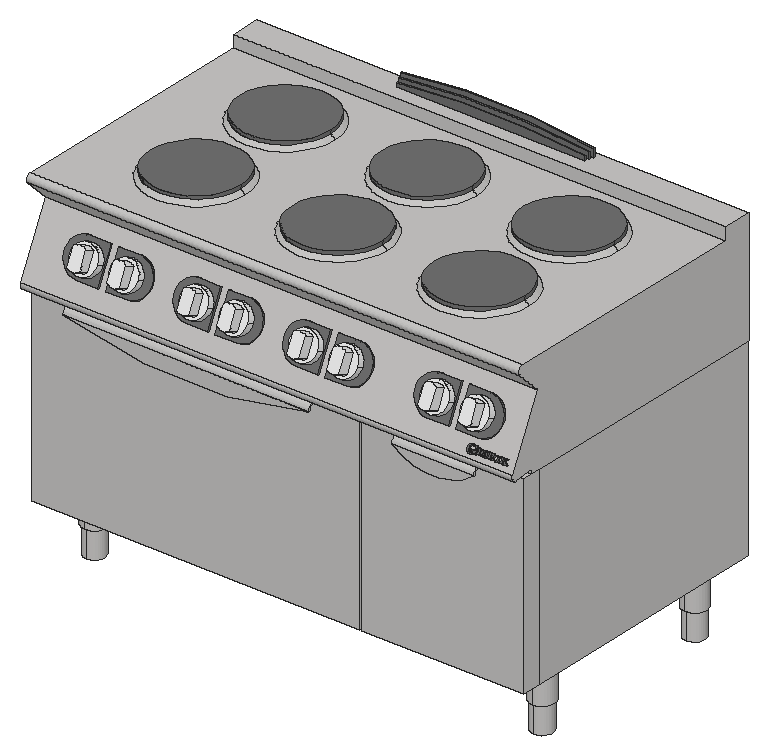
Revit family "QF_GIORIK_CE76TE", category Specialty Equipment, Revit 2014
Parameters (values of type "CE76TE")
  Weight in Pounds = 352.7392
  Watts = 21600 W
  Volts = 400 V
  URL Cutsheet = "www.giorik.com"
  URL = "www.giorik.com"
  Status [instance] = ""
  Specification by User [instance] = ""
  Specification by Manufacturer = ""
  Show Logo [instance] = yes
  Show Clearance [instance] = yes
  Serial Number = ""
  Seismic Rating = ""
  SMACNA No = ""
  Revision Code [instance] = ""
  Phase = 3
  Number of Poles [instance] = 3
  NAFEM Spec ID Number = ""
  Model = "CE76TE"
  Min Ckt Ampacity = 0 A
  Max Overcurrent Protection = 0 A
  Masterspec = ""
  Manufacturer = "GIORIK"
  Item Number [instance] = ""
  Installed By [instance] = ""
  Identify Quantity as Lot [instance] = no
  HP = "28.966032000000"
  Furnished By [instance] = ""
  Foodservice Equipment Identifier [instance] = yes
  FL Amps = 0 A
  Electrical Remarks [instance] = ""
  Electric Connection Type [instance] = ""
  Elec Conn RI Height [instance] = 0 mm
  Elec Conn Connection Height [instance] = 150 mm
  Description = "6 ELECTRIC ROUND PLATE HOB ON ELECTRIC OVEN"
  Cycle = 50 Hz
  Conn Plug = ""
  CSI MasterFormat = ""
  Assembly Code = "E1090320"
  Apparent Power = 21600 VA
Types (2, lengths in mm): name | Foodservice Equipment Identifier | Assembly Code
  (no name) | no | 0
  CE76TE | yes | "E1090320"
Reference planes
  plane 1 "Back": y = 0
  plane 2: z = 0
  plane 3 "Left": x = 0
  plane 4 "Right": x = 1200
  plane 5 "Front": y = -720
  plane 6 "Top": z = 900
Forms (mm)
  Extrusion 1, solid
    sketch origin (-16, 1025.81, 0) x (1, 0, 0) y (0, 1, 0)
      loop
        line (25, -1086.81) -> (25, -1156.81) -> (115, -1156.81) -> (115, -1086.81) -> (25, -1086.81)
    from 148 to 150
  Extrusion 2, solid
    sketch origin (-4, 0, 130) x (1, 0, 0) y (0, 1, 0)
      loop
        circle (54, -385) r 12.5
    from 0 to 20
  Extrusion 3, solid
    sketch origin (0, 1000, -20) x (0, 1, 0) y (0, 0, 1)
      loop
        line (-1000, 919.988) -> (-1070, 919.988) -> (-1070, 889.988) -> (-1688.806, 889.988)
        arc (-1688.806, 889.988) -> (-1699.151, 883.075) -> (-1696.724, 870.873) r 11.197
        line (-1696.724, 870.873) -> (-1640.876, 815.025) -> (-1718.948, 661.258)
        arc (-1718.948, 661.258) -> (-1718.233, 650.105) -> (-1708.118, 645.354) r 10.981
        line (-1708.118, 645.354) -> (-1660, 649.925) -> (-1660, 640) -> (-1000, 640) -> (-1000, 919.988)
    from 0 to 1200
  Extrusion 4, solid
    sketch origin (0, 0, 599.536) x (1, 0, 0) y (0, 1, 0)
      loop
        line (0, -640) -> (40, -640) -> (40, -40) -> (1160, -40) -> (1160, -640) -> (1200, -640) -> (1200, 0) -> (0, 0) -> (0, -640)
    from -449.536 to 20.464
  Extrusion 5, solid
    sketch origin (0, 0, 0) x (1, 0, 0) y (0, 1, 0)
      loop
        line (40, -40) -> (40, -640) -> (1160, -640) -> (1160, -40) -> (40, -40)
    from 150 to 190
  Extrusion 6, solid
    sketch origin (-16, 560.81, 0) x (1, 0, 0) y (0, 1, 0)
      loop
        line (25, -1086.81) -> (25, -1156.81) -> (115, -1156.81) -> (115, -1086.81) -> (25, -1086.81)
    from 148 to 150
  Revolve 7, solid
    sketch origin (54, 560.81, 0) x (0, 1, 0) y (0, 0, 1)
      loop
        line (-1092.56, 66) -> (-1092.56, 148) -> (-1121.81, 148) -> (-1121.81, 0) -> (-1096.81, 0) -> (-1096.81, 66) -> (-1092.56, 66)
      axis (-1121.81, 0) -> (-1121.81, 148)
    angle from 0 to 360
  Revolve 8, solid
    sketch origin (54, 1025.81, 0) x (0, 1, 0) y (0, 0, 1)
      loop
        line (-1092.56, 66) -> (-1092.56, 148) -> (-1121.81, 148) -> (-1121.81, 0) -> (-1096.81, 0) -> (-1096.81, 66) -> (-1092.56, 66)
      axis (-1121.81, 0) -> (-1121.81, 148)
    angle from 0 to 360
  Extrusion 9, solid
    sketch origin (1216, 560.81, 0) x (-1, 0, 0) y (0, -1, 0)
      loop
        line (25, 1086.81) -> (115, 1086.81) -> (115, 1156.81) -> (25, 1156.81) -> (25, 1086.81)
    from 148 to 150
  Revolve 10, solid
    sketch origin (1146, 560.81, 0) x (0, 1, 0) y (0, 0, -1)
      loop
        line (-1092.56, -66) -> (-1096.81, -66) -> (-1096.81, 0) -> (-1121.81, 0) -> (-1121.81, -148) -> (-1092.56, -148) -> (-1092.56, -66)
      axis (-1121.81, 0) -> (-1121.81, -148)
    angle from 0 to 360
  Extrusion 11, solid
    sketch origin (1216, -1217.81, 0) x (-1, 0, 0) y (0, -1, 0)
      loop
        line (25, -1086.81) -> (25, -1156.81) -> (115, -1156.81) -> (115, -1086.81) -> (25, -1086.81)
    from 148 to 150
  Revolve 12, solid
    sketch origin (1146, -1217.81, 0) x (0, -1, 0) y (0, 0, 1)
      loop
        line (-1092.56, 66) -> (-1092.56, 148) -> (-1121.81, 148) -> (-1121.81, 0) -> (-1096.81, 0) -> (-1096.81, 66) -> (-1092.56, 66)
      axis (-1121.81, 0) -> (-1121.81, 148)
    angle from 0 to 360
  Extrusion 13, solid
    sketch origin (236.031, 0, -10.001) x (1, 0, 0) y (0, 0, 1)
      loop
        line (135, 909.989) -> (592.969, 909.989) -> (592.969, 919.989) -> (440.969, 929.989) -> (287, 929.989) -> (135, 919.989) -> (135, 909.989)
    from 32 to 35
  Extrusion 14, solid
    sketch origin (238, 10, -10.001) x (1, 0, 0) y (0, 0, 1)
      loop
        line (594, 909.989) -> (594, 924.989) -> (440, 937.489) -> (284, 937.489) -> (130, 925.001) -> (130, 909.989) -> (594, 909.989)
    from 32 to 35
  Extrusion 15, solid
    sketch origin (240, 20, -10.001) x (1, 0, 0) y (0, 0, 1)
      loop
        line (595, 909.989) -> (595, 930.001) -> (439, 945.258) -> (281, 945.258) -> (125, 929.989) -> (125, 909.989) -> (595, 909.989)
    from 32 to 35
  Extrusion 16, solid
    sketch origin (63.998, 2.499, 864.988) x (0, 1, 0) y (-1, 0, 0)
      loop
        circle (-231.5, -189.999) r 110
    from 23 to 15
  Blend 17, solid
    base sketch origin (808.358, -820.005, 869.988) x (0, 1, 0) y (-1, 0, 0)
      loop
        circle (591.004, 554.361) r 120
    top sketch origin (808.358, -820.005, 900) x (0, 1, 0) y (-1, 0, 0)
      loop
        circle (591.004, 554.361) r 110
    from 0 to -20.012
  Extrusion 18, solid
    sketch origin (63.998, -733.501, 864.988) x (0, -1, 0) y (1, 0, 0)
      loop
        circle (-231.5, 189.999) r 110
    from 23 to 15
  Blend 19, solid
    base sketch origin (808.358, 89.003, 869.988) x (0, -1, 0) y (1, 0, 0)
      loop
        circle (591.004, -554.361) r 120
    top sketch origin (808.358, 89.003, 900) x (0, -1, 0) y (1, 0, 0)
      loop
        circle (591.004, -554.361) r 110
    from 0 to -20.012
  Extrusion 20, solid
    sketch origin (789.998, 2.499, 864.988) x (0, 1, 0) y (-1, 0, 0)
      loop
        circle (-231.5, 189.999) r 110
    from 23 to 15
  Blend 21, solid
    base sketch origin (45.638, -820.005, 869.988) x (0, 1, 0) y (-1, 0, 0)
      loop
        circle (591.004, -554.361) r 120
    top sketch origin (45.638, -820.005, 900) x (0, 1, 0) y (-1, 0, 0)
      loop
        circle (591.004, -554.361) r 110
    from 0 to -20.012
  Extrusion 22, solid
    sketch origin (789.998, -733.501, 864.988) x (0, -1, 0) y (1, 0, 0)
      loop
        circle (-231.5, -189.999) r 110
    from 23 to 15
  Blend 23, solid
    base sketch origin (45.638, 89.003, 869.988) x (0, -1, 0) y (1, 0, 0)
      loop
        circle (591.004, 554.361) r 120
    top sketch origin (45.638, 89.003, 900) x (0, -1, 0) y (1, 0, 0)
      loop
        circle (591.004, 554.361) r 110
    from 0 to -20.012
  Extrusion 24, solid
    sketch origin (1135.999, 2.499, 864.988) x (0, 1, 0) y (-1, 0, 0)
      loop
        circle (-231.5, 189.999) r 110
    from 23 to 15
  Blend 25, solid
    base sketch origin (391.639, -820.005, 869.988) x (0, 1, 0) y (-1, 0, 0)
      loop
        circle (591.004, -554.361) r 120
    top sketch origin (391.639, -820.005, 900) x (0, 1, 0) y (-1, 0, 0)
      loop
        circle (591.004, -554.361) r 110
    from 0 to -20.012
  Extrusion 26, solid
    sketch origin (1135.999, -270.501, 864.988) x (0, 1, 0) y (-1, 0, 0)
      loop
        circle (-231.5, 189.999) r 110
    from 23 to 15
  Blend 27, solid
    base sketch origin (391.639, -1093.005, 869.988) x (0, 1, 0) y (-1, 0, 0)
      loop
        circle (591.004, -554.361) r 120
    top sketch origin (391.639, -1093.005, 900) x (0, 1, 0) y (-1, 0, 0)
      loop
        circle (591.004, -554.361) r 110
    from 0 to -20.012
  Extrusion 28, solid
    sketch origin (0, -725, 0) x (1, 0, 0) y (0, 0, 1)
      loop
        line (0, 620) -> (0, 150) -> (800, 150) -> (800, 620) -> (0, 620)
    from -85 to -40
  Extrusion 29, solid
    sketch origin (2.5, -725, -20.1) x (0, 1, 0) y (0, 0, 1)
      loop
        arc (25, 640.1) -> (14.393, 635.707) -> (10, 625.1) r 15
        line (10, 625.1) -> (12, 625.1)
        arc (12, 625.1) -> (15.808, 634.292) -> (25, 638.1) r 13
        line (25, 638.1) -> (40, 638.1) -> (40, 640.1) -> (25, 640.1)
    from 97.5 to 697.5
  Extrusion 30, solid
    sketch origin (2.5, -724.905, -20.1) x (1, 0, 0) y (0, 0, 1)
      loop
        arc (97.5, 625.1) -> (397.5, 582.413) -> (697.5, 625.1) r 1075.531
        line (697.5, 625.1) -> (97.5, 625.1)
    from -11.905 to -9.905
  Extrusion 31, solid, visible <- "Show Clearance", detail levels coarse
    sketch origin (0, 0, 0) x (0, 1, 0) y (0, 0, 1)
      loop
        line (-685, 150) -> (-685, 620)
        arc (-685, 620) -> (-1017.34, 482.34) -> (-1155, 150) r 470
        line (-1155, 150) -> (-685, 150)
    from 0 to 800
  Extrusion 32, solid
    sketch origin (805, -725, 0) x (1, 0, 0) y (0, 0, 1)
      loop
        line (0, 620) -> (0, 150) -> (395, 150) -> (395, 620) -> (0, 620)
    from -85 to -40
  Extrusion 33, solid
    sketch origin (805, -725, -20.1) x (0, 1, 0) y (0, 0, 1)
      loop
        arc (25, 640.1) -> (14.393, 635.707) -> (10, 625.1) r 15
        line (10, 625.1) -> (12, 625.1)
        arc (12, 625.1) -> (15.808, 634.292) -> (25, 638.1) r 13
        line (25, 638.1) -> (40, 638.1) -> (40, 640.1) -> (25, 640.1)
    from 97.5 to 297.5
  Extrusion 34, solid
    sketch origin (805, -724.905, -20.1) x (1, 0, 0) y (0, 0, 1)
      loop
        arc (97.5, 625.1) -> (197.5, 590.089) -> (297.5, 625.1) r 160.316
        line (297.5, 625.1) -> (97.5, 625.1)
    from -11.905 to -9.905
  Extrusion 35, solid, visible <- "Show Clearance", detail levels coarse
    sketch origin (1200, -725, 0) x (-1, 0, 0) y (0, -1, 0)
      loop
        line (0, -40) -> (395, -40)
        arc (395, -40) -> (279.307, 239.307) -> (0, 355) r 395
        line (0, 355) -> (0, -40)
    from 150 to 620
  Extrusion 36, solid, visible <- "Show Logo"
    sketch origin (991.604, -736.761, 614.723) x (-1, 0, 0) y (0, 0.452718, 0.891654)
      loop
        line (-118.824, 58.358) -> (-127.804, 58.358) -> (-125.523, 56.445) -> (-125.523, 48.027) -> (-127.804, 46.113) -> (-118.824, 46.113) -> (-121.105, 48.027) -> (-121.105, 56.445) -> (-118.824, 58.358)
      loop
        line (-163.721, 58.358) -> (-172.7, 58.358) -> (-170.42, 56.445) -> (-170.42, 48.027) -> (-172.7, 46.113) -> (-163.721, 46.113) -> (-166.001, 48.027) -> (-166.001, 56.445) -> (-163.721, 58.358)
      loop
        line (-174.332, 58.358) -> (-183.312, 58.358) -> (-181.031, 56.445) -> (-181.031, 52.435) -> (-186.419, 56.955) -> (-184.416, 58.358) -> (-191.268, 58.358) -> (-188.01, 56.839) -> (-185.455, 54.283) -> (-190.846, 47.858) -> (-193.396, 46.93) -> (-193.396, 46.113) -> (-184.416, 46.113) -> (-185.437, 47.571) -> (-182.443, 51.552) -> (-181.031, 50.894) -> (-181.031, 48.027) -> (-183.312, 46.113) -> (-174.332, 46.113) -> (-176.613, 48.027) -> (-176.613, 56.445) -> (-174.332, 58.358)
      loop
        line (-115.429, 62.063) -> (-115.429, 54.198)
        arc (-115.429, 54.198) -> (-111.618, 57.803) -> (-106.847, 59.986) r 16.039
        arc (-106.847, 59.986) -> (-103.314, 59.837) -> (-100.512, 57.68) r 5.851
        arc (-100.512, 57.68) -> (-98.815, 52.267) -> (-100.512, 46.853) r 9.479
        arc (-100.512, 46.853) -> (-102.406, 44.986) -> (-104.846, 43.93) r 7.236
        arc (-104.846, 43.93) -> (-107.728, 44.111) -> (-110.052, 45.825) r 5.11
        line (-110.052, 45.825) -> (-110.052, 52.001) -> (-116.141, 52.001) -> (-116.141, 45.503) -> (-117.893, 43.751) -> (-114.094, 44.769)
        arc (-114.094, 44.769) -> (-112.56, 44.947) -> (-111.129, 44.366) r 3.115
        arc (-111.129, 44.366) -> (-104.216, 42.091) -> (-97.303, 44.366) r 11.641
        arc (-97.303, 44.366) -> (-93.396, 52.107) -> (-97.303, 59.849) r 9.622
        arc (-97.303, 59.849) -> (-104.369, 62.174) -> (-111.435, 59.849) r 11.898
        line (-111.435, 59.849) -> (-115.429, 62.063)
      loop
        arc (-129.234, 56.068) -> (-135.893, 58.628) -> (-142.552, 56.068) r 9.941
        arc (-142.552, 56.068) -> (-144.234, 52.286) -> (-142.552, 48.505) r 5.093
        arc (-142.552, 48.505) -> (-135.893, 45.945) -> (-129.234, 48.505) r 9.941
        arc (-129.234, 48.505) -> (-127.552, 52.286) -> (-129.234, 56.068) r 5.093
      loop
        arc (-132.628, 54.403) -> (-135.893, 57.668) -> (-139.158, 54.403) r 3.265
        line (-139.158, 54.403) -> (-139.158, 50.169)
        arc (-139.158, 50.169) -> (-135.893, 46.904) -> (-132.628, 50.169) r 3.265
        line (-132.628, 50.169) -> (-132.628, 54.403)
      loop
        arc (-156.363, 58.365) -> (-159.647, 55.081) -> (-156.363, 51.796) r 3.285
        line (-156.363, 51.796) -> (-159.529, 47.306) -> (-162.087, 46.113) -> (-155.847, 46.113) -> (-153.529, 51.083) -> (-150.637, 51.083) -> (-150.637, 47.784) -> (-153.022, 46.113) -> (-144.011, 46.113) -> (-146.094, 47.68) -> (-146.094, 56.493) -> (-144.229, 58.365) -> (-156.363, 58.365)
      loop
        line (-150.637, 57.512) -> (-153.637, 57.512)
        arc (-153.637, 57.512) -> (-156.237, 54.912) -> (-153.637, 52.312) r 2.6
        line (-153.637, 52.312) -> (-150.637, 52.312) -> (-150.637, 57.512)
      loop
        line (-108.924, 52.001) -> (-104.936, 49.005) -> (-100.948, 52.001) -> (-108.924, 52.001)
    from 1.5 to -0.5
  Extrusion 37, solid
    sketch origin (-288.221, -963.345, 57.599) x (1, 0, 0) y (0, 0.452718, 0.891654)
      loop
        line (463.221, 676.25) -> (463.221, 766.25) -> (409.698, 766.25)
        arc (409.698, 766.25) -> (364.698, 721.25) -> (409.698, 676.25) r 45
        line (409.698, 676.25) -> (463.221, 676.25)
    from 48 to 50
  Extrusion 38, solid
    sketch origin (486.331, -1008.697, 80.195) x (-1, 0, 0) y (0, -0.45351, -0.891251)
      loop
        circle (351.331, -721.346) r 35
    from 0 to 15
  Extrusion 39, solid
    sketch origin (486.331, -1008.697, 80.195) x (-1, 0, 0) y (0, -0.45351, -0.891251)
      loop
        arc (336.331, -743.846) -> (351.331, -748.846) -> (366.331, -743.846) r 25
        line (366.331, -743.846) -> (366.331, -698.846)
        arc (366.331, -698.846) -> (351.331, -693.846) -> (336.331, -698.846) r 25
        line (336.331, -698.846) -> (336.331, -743.846)
    from 15 to 40
  Extrusion 40, solid
    sketch origin (656.221, -963.345, 57.599) x (-1, 0, 0) y (0, -0.452718, -0.891654)
      loop
        line (463.221, -676.25) -> (409.698, -676.25)
        arc (409.698, -676.25) -> (364.698, -721.25) -> (409.698, -766.25) r 45
        line (409.698, -766.25) -> (463.221, -766.25) -> (463.221, -676.25)
    from 48 to 50
  Extrusion 41, solid
    sketch origin (-118.331, -1008.697, 80.195) x (1, 0, 0) y (0, 0.45351, 0.891251)
      loop
        circle (351.331, 721.346) r 35
    from 0 to 15
  Extrusion 42, solid
    sketch origin (-118.331, -1008.697, 80.195) x (1, 0, 0) y (0, 0.45351, 0.891251)
      loop
        line (336.331, 743.846) -> (336.331, 698.846)
        arc (336.331, 698.846) -> (351.331, 693.846) -> (366.331, 698.846) r 25
        line (366.331, 698.846) -> (366.331, 743.846)
        arc (366.331, 743.846) -> (351.331, 748.846) -> (336.331, 743.846) r 25
    from 15 to 40
  Extrusion 43, solid
    sketch origin (924.221, -963.345, 57.599) x (-1, 0, 0) y (0, -0.452718, -0.891654)
      loop
        line (463.221, -676.25) -> (409.698, -676.25)
        arc (409.698, -676.25) -> (364.698, -721.25) -> (409.698, -766.25) r 45
        line (409.698, -766.25) -> (463.221, -766.25) -> (463.221, -676.25)
    from 48 to 50
  Extrusion 44, solid
    sketch origin (149.669, -1008.697, 80.195) x (1, 0, 0) y (0, 0.45351, 0.891251)
      loop
        circle (351.331, 721.346) r 35
    from 0 to 15
  Extrusion 45, solid
    sketch origin (149.669, -1008.697, 80.195) x (1, 0, 0) y (0, 0.45351, 0.891251)
      loop
        line (336.331, 743.846) -> (336.331, 698.846)
        arc (336.331, 698.846) -> (351.331, 693.846) -> (366.331, 698.846) r 25
        line (366.331, 698.846) -> (366.331, 743.846)
        arc (366.331, 743.846) -> (351.331, 748.846) -> (336.331, 743.846) r 25
    from 15 to 40
  Extrusion 46, solid
    sketch origin (-20.221, -963.345, 57.599) x (1, 0, 0) y (0, 0.452718, 0.891654)
      loop
        line (463.221, 676.25) -> (463.221, 766.25) -> (409.698, 766.25)
        arc (409.698, 766.25) -> (364.698, 721.25) -> (409.698, 676.25) r 45
        line (409.698, 676.25) -> (463.221, 676.25)
    from 48 to 50
  Extrusion 47, solid
    sketch origin (754.331, -1008.697, 80.195) x (-1, 0, 0) y (0, -0.45351, -0.891251)
      loop
        circle (351.331, -721.346) r 35
    from 0 to 15
  Extrusion 48, solid
    sketch origin (754.331, -1008.697, 80.195) x (-1, 0, 0) y (0, -0.45351, -0.891251)
      loop
        arc (336.331, -743.846) -> (351.331, -748.846) -> (366.331, -743.846) r 25
        line (366.331, -743.846) -> (366.331, -698.846)
        arc (366.331, -698.846) -> (351.331, -693.846) -> (336.331, -698.846) r 25
        line (336.331, -698.846) -> (336.331, -743.846)
    from 15 to 40
  Extrusion 49, solid
    sketch origin (247.779, -963.345, 57.599) x (1, 0, 0) y (0, 0.452718, 0.891654)
      loop
        line (463.221, 676.25) -> (463.221, 766.25) -> (409.698, 766.25)
        arc (409.698, 766.25) -> (364.698, 721.25) -> (409.698, 676.25) r 45
        line (409.698, 676.25) -> (463.221, 676.25)
    from 48 to 50
  Extrusion 50, solid
    sketch origin (1022.331, -1008.697, 80.195) x (-1, 0, 0) y (0, -0.45351, -0.891251)
      loop
        circle (351.331, -721.346) r 35
    from 0 to 15
  Extrusion 51, solid
    sketch origin (1022.331, -1008.697, 80.195) x (-1, 0, 0) y (0, -0.45351, -0.891251)
      loop
        arc (336.331, -743.846) -> (351.331, -748.846) -> (366.331, -743.846) r 25
        line (366.331, -743.846) -> (366.331, -698.846)
        arc (366.331, -698.846) -> (351.331, -693.846) -> (336.331, -698.846) r 25
        line (336.331, -698.846) -> (336.331, -743.846)
    from 15 to 40
  Extrusion 52, solid
    sketch origin (1192.221, -963.345, 57.599) x (-1, 0, 0) y (0, -0.452718, -0.891654)
      loop
        line (463.221, -676.25) -> (409.698, -676.25)
        arc (409.698, -676.25) -> (364.698, -721.25) -> (409.698, -766.25) r 45
        line (409.698, -766.25) -> (463.221, -766.25) -> (463.221, -676.25)
    from 48 to 50
  Extrusion 53, solid
    sketch origin (417.669, -1008.697, 80.195) x (1, 0, 0) y (0, 0.45351, 0.891251)
      loop
        circle (351.331, 721.346) r 35
    from 0 to 15
  Extrusion 54, solid
    sketch origin (417.669, -1008.697, 80.195) x (1, 0, 0) y (0, 0.45351, 0.891251)
      loop
        line (336.331, 743.846) -> (336.331, 698.846)
        arc (336.331, 698.846) -> (351.331, 693.846) -> (366.331, 698.846) r 25
        line (366.331, 698.846) -> (366.331, 743.846)
        arc (366.331, 743.846) -> (351.331, 748.846) -> (336.331, 743.846) r 25
    from 15 to 40
  Extrusion 55, solid
    sketch origin (567.779, -963.345, 57.599) x (1, 0, 0) y (0, 0.452718, 0.891654)
      loop
        line (463.221, 676.25) -> (463.221, 766.25) -> (409.698, 766.25)
        arc (409.698, 766.25) -> (364.698, 721.25) -> (409.698, 676.25) r 45
        line (409.698, 676.25) -> (463.221, 676.25)
    from 48 to 50
  Extrusion 56, solid
    sketch origin (1342.331, -1008.697, 80.195) x (-1, 0, 0) y (0, -0.45351, -0.891251)
      loop
        circle (351.331, -721.346) r 35
    from 0 to 15
  Extrusion 57, solid
    sketch origin (1342.331, -1008.697, 80.195) x (-1, 0, 0) y (0, -0.45351, -0.891251)
      loop
        arc (336.331, -743.846) -> (351.331, -748.846) -> (366.331, -743.846) r 25
        line (366.331, -743.846) -> (366.331, -698.846)
        arc (366.331, -698.846) -> (351.331, -693.846) -> (336.331, -698.846) r 25
        line (336.331, -698.846) -> (336.331, -743.846)
    from 15 to 40
  Extrusion 58, solid
    sketch origin (1512.221, -963.345, 57.599) x (-1, 0, 0) y (0, -0.452718, -0.891654)
      loop
        line (463.221, -676.25) -> (409.698, -676.25)
        arc (409.698, -676.25) -> (364.698, -721.25) -> (409.698, -766.25) r 45
        line (409.698, -766.25) -> (463.221, -766.25) -> (463.221, -676.25)
    from 48 to 50
  Extrusion 59, solid
    sketch origin (737.669, -1008.697, 80.195) x (1, 0, 0) y (0, 0.45351, 0.891251)
      loop
        circle (351.331, 721.346) r 35
    from 0 to 15
  Extrusion 60, solid
    sketch origin (737.669, -1008.697, 80.195) x (1, 0, 0) y (0, 0.45351, 0.891251)
      loop
        line (336.331, 743.846) -> (336.331, 698.846)
        arc (336.331, 698.846) -> (351.331, 693.846) -> (366.331, 698.846) r 25
        line (366.331, 698.846) -> (366.331, 743.846)
        arc (366.331, 743.846) -> (351.331, 748.846) -> (336.331, 743.846) r 25
    from 15 to 40
Lines and regions (mm)
  symbolic lines, style "200-EquipBorder-2D"
    curve 1: line (0, -720, 0) -> (1200, -720, 0)
    curve 2: line (1200, -720, 0) -> (1200, 0, 0)
    curve 3: line (1200, 0, 0) -> (0, 0, 0)
    curve 4: line (0, 0, 0) -> (0, -720, 0)
  symbolic lines, style "200-EquipInternal-2D"
    curve 5: line (0, -70, 900) -> (1200, -70, 900)
    curve 6: line (365, -12, 900) -> (835, -12, 900)
    curve 7: line (835, -12, 900) -> (835, -15, 900)
    curve 8: line (835, -15, 900) -> (365, -15, 900)
    curve 9: line (365, -15, 900) -> (365, -12, 900)
    curve 10: line (368, -22, 900) -> (832, -22, 900)
    curve 11: line (832, -22, 900) -> (832, -25, 900)
    curve 12: line (832, -25, 900) -> (368, -25, 900)
    curve 13: line (368, -25, 900) -> (368, -22, 900)
    curve 14: line (371.031, -32, 900) -> (829, -32, 900)
    curve 15: line (829, -32, 900) -> (829, -35, 900)
    curve 16: line (829, -35, 900) -> (371.031, -35, 900)
    curve 17: line (371.031, -35, 900) -> (371.031, -32, 900)
    curve 18: circle (253.998, -229.001, 900) r 120 normal (0, 0, 1)
    curve 19: circle (253.998, -229.001, 900) r 109.999 normal (0, 0, 1)
    curve 20: circle (253.998, -502.001, 900) r 109.999 normal (0, 0, 1)
    curve 21: circle (253.998, -502.001, 900) r 119.999 normal (0, 0, 1)
    curve 22: circle (599.998, -229.001, 900) r 120 normal (0, 0, -1)
    curve 23: circle (599.998, -229.001, 900) r 109.999 normal (0, 0, -1)
    curve 24: circle (599.998, -502.001, 900) r 109.999 normal (0, 0, -1)
    curve 25: circle (599.998, -502.001, 900) r 119.999 normal (0, 0, -1)
    curve 26: circle (945.999, -229.001, 900) r 120 normal (0, 0, -1)
    curve 27: circle (945.999, -229.001, 900) r 109.999 normal (0, 0, -1)
    curve 28: circle (945.999, -502.001, 900) r 120 normal (0, 0, -1)
    curve 29: circle (945.999, -502.001, 900) r 109.999 normal (0, 0, -1)
  symbolic lines, style "QF_Door-Drawer Clearances", visible <- "Show Clearance", detail levels coarse
    curve 30: line (0, -720, 0) -> (0, -1155.138, 0)
    curve 31: line (0, -1155.138, 900) -> (800, -1155.138, 900)
    curve 32: line (800, -1155.138, 900) -> (800, -720.138, 900)
    curve 33: arc (1200, -1080.138, 0) -> (933.354, -976.557, 0) -> (806.554, -720.138, 0) r 395
    curve 34: line (1200, -720, 0) -> (1200, -1080.138, 0)
Dimensions and locks
  plane 3 "Left" to plane 4 "Right" = 1200 mm
  plane 5 "Front" to plane 1 "Back" = 720 mm
  plane 4 "Right" to plane 3 "Left" = 1200 mm
  plane 1 "Back" to plane 5 "Front" = 720 mm
  plane 6 "Top" to level = 900 mm  (x2)
  aligned and locked: level to plane 2
Connectors
  electrical at (50, -385, 130), driven by "Apparent Power", driven by "Volts", driven by "Number of Poles"
    settings: on Extrusion 2, index 1, voltage 400 V, apparent load 0 VA, apparent load phase1 21600 VA, apparent load phase2 0 VA, apparent load phase3 0 VA, power factor 1, load classification "Other", number of poles 3, system type 31, power factor state 1, is connector primary yes, connector utility no, sub classification motor no, connector description "Electrical connection"
